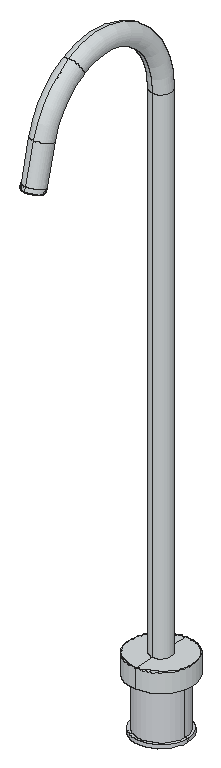
Revit family "Reece_Tap_Milli_Etch_Bath Floor Outlet", category Plumbing Fixtures, host Face, Revit 2018
Family settings
  Host = Face
  Round Connector Dimension = Use Diameter
  Part Type = Normal
  Cut with Voids When Loaded = No
  Shared = Yes
  Room Calculation Point = Yes
Parameters (values of type "253 mm_Brushed Nickel")
  WFU = 0  # constant formula
  URL = "https://www.reece.com.au/product/-21872"
  Type Comments = "Tap"
  Reece_Tap_Reach = 253 mm  # constant formula
  Reece_Tap_Inlet = 12 mm  # constant formula
  Reece_Tap_Clearance = 795 mm  # constant formula
  Reece_Product_Web Page = "https://www.reece.com.au/product/-21872"
  Reece_Product_Type = "Tap"
  Reece_Product_Sub Brand = "Etch"
  Reece_Product_Number = "21872"
  Reece_Product_Mount = "Floor Mounted"
  Reece_Product_Description = "Milli Etch Floor Mounted Bath Outlet Brushed Nickel"
  Reece_Product_Brand = "Milli"
  Reece_Overall_Height = 965 mm  # constant formula
  Reece_Material_Secondary = Reece_Brass_Brushed Nickel_Knurl Pattern
  Reece_Material_Main = Reece_Brass_Brushed Nickel
  Reece_Material_Colour = Reece_Plastic_Grey
  Reece_Detail_Installation = ""
  Reece_Detail_Disclaimer = "THIS FILE IS THE PROPERTY OF THE REECE GROUP. IT MAY NOT BE REPRODUCED, REVERSE-ENGINEERED, OR MODIFIED. ANY REPUBLICATION, TRANSMISSION, OR DISTRIBUTION FOR THE PURPOSE OF COMMERCIALLY EXPLOITING THE FILES IS PROHIBITED."  # constant formula
  Reece_Detail_Connector = ""
  Reece_Detail_Additional = "Bath Floor Outlet"
  Model = "Etch"
  Manufacturer = "Milli"
  Keynote = "Product #21872, Reece_Tap_Milli_Etch_Bath Floor Outlet - 253 mm_Brushed Nickel"
  HWFU = 0  # constant formula
  Disclaimer = "THIS FILE IS THE PROPERTY OF THE REECE GROUP. IT MAY NOT BE REPRODUCED, REVERSE-ENGINEERED, OR MODIFIED. ANY REPUBLICATION, TRANSMISSION, OR DISTRIBUTION FOR THE PURPOSE OF COMMERCIALLY EXPLOITING THE FILES IS PROHIBITED."  # constant formula
  Description = "Milli Etch Floor Mounted Bath Outlet Brushed Nickel"
  Default Elevation = 1000 mm
  CWFU = 0  # constant formula
Types (6, lengths in mm): name | URL | Reece_Product_Web Page | Reece_Product_Number | Reece_Product_Description | Reece_Material_Secondary | Reece_Material_Main | Keynote | Description
  253 mm_Chrome | "https://www.reece.com.au/product/-21870" | "https://www.reece.com.au/product/-21870" | "21870" | "Milli Etch Floor Mounted Bath Outlet Chrome" | Reece_Brass_Chrome_Knurl Pattern | Reece_Brass_Chrome | "Product #21870, Reece_Tap_Milli_Etch_Bath Floor Outlet - 253 mm_Chrome" | "Milli Etch Floor Mounted Bath Outlet Chrome"
  253 mm_Brushed Gold | "https://www.reece.com.au/product/-21873" | "https://www.reece.com.au/product/-21873" | "21873" | "Milli Etch Floor Mounted Bath Outlet Brushed Gold" | Reece_PVD_Brushed Gold_Knurl Pattern | Reece_PVD_Brushed Gold | "Product #21873, Reece_Tap_Milli_Etch_Bath Floor Outlet - 253 mm_Brushed Gold" | "Milli Etch Floor Mounted Bath Outlet Brushed Gold"
  253 mm_Matte Black | "https://www.reece.com.au/product/-21871" | "https://www.reece.com.au/product/-21871" | "21871" | "Milli Etch Floor Mounted Bath Outlet Matte Black" | Reece_Brass_Matte Black_Knurl Pattern | Reece_Brass_Matte Black | "Product #21871, Reece_Tap_Milli_Etch_Bath Floor Outlet - 253 mm_Matte Black" | "Milli Etch Floor Mounted Bath Outlet Matte Black"
  253 mm_Brushed Gunmetal | "https://www.reece.com.au/product/-21874" | "https://www.reece.com.au/product/-21874" | "21874" | "Milli Etch Floor Mounted Bath Outlet Brushed Gunmetal" | Reece_Brass_Brushed Gunmetal_Knurl Pattern | Reece_Brass_Brushed Gunmetal | "Product #21874, Reece_Tap_Milli_Etch_Bath Floor Outlet - 253 mm_Brushed Gunmetal" | "Milli Etch Floor Mounted Bath Outlet Brushed Gunmetal"
  253 mm_Brushed Nickel | "https://www.reece.com.au/product/-21872" | "https://www.reece.com.au/product/-21872" | "21872" | "Milli Etch Floor Mounted Bath Outlet Brushed Nickel" | Reece_Brass_Brushed Nickel_Knurl Pattern | Reece_Brass_Brushed Nickel | "Product #21872, Reece_Tap_Milli_Etch_Bath Floor Outlet - 253 mm_Brushed Nickel" | "Milli Etch Floor Mounted Bath Outlet Brushed Nickel"
  253 mm_Brushed Bronze | "https://www.reece.com.au/product/-21875" | "https://www.reece.com.au/product/-21875" | "21875" | "Milli Etch Floor Mounted Bath Outlet Brushed Bronze" | Reece_PVD_Brushed Bronze_Knurl Pattern | Reece_PVD_Brushed Bronze | "Product #21875, Reece_Tap_Milli_Etch_Bath Floor Outlet - 253 mm_Brushed Bronze" | "Milli Etch Floor Mounted Bath Outlet Brushed Bronze"
Reference planes
  plane 1 "Center (Front/Back)": y = 0
  plane 2 "Bottom": z = 0
  plane 3 "Center (Left/Right)": x = 0
  plane 4: y = -253
  plane 5 "HandS": y = 37.5
  plane 6: z = 795
  plane 7: z = 965
Forms (mm)
  Revolve 1, solid, material "Reece_Brass_Brushed Nickel" <- "Reece_Material_Main"
    sketch origin (0, 0, 0) x (0, 1, 0) y (0, 0, 1)
      loop
        line (0, 0) -> (50, 0) -> (50, 29.5)
        arc (50, 29.5) -> (49.854, 29.854) -> (49.5, 30) r 0.5
        line (49.5, 30) -> (0, 30) -> (0, 0)
      axis (0, 0) -> (0, 30)
    angle from 0 to 360
  Sweep 2, solid, material "Reece_Brass_Brushed Nickel" <- "Reece_Material_Main"
    path origin (0, 0, 0) x (0, 1, 0) y (0, 0, 1)
      loop
        line (0, 0) -> (0, 829)
        arc (0, 829) -> (-57.242, 931.281) -> (-174.358, 935.982) r 120
        arc (-174.358, 935.982) -> (-212.891, 904.833) -> (-235.398, 860.691) r 119
        line (-235.398, 860.691) -> (-253, 795)
    profile origin (0, 0, 414.5) x (0, -1, 0) y (1, 0, 0)
      loop
        circle (0, 0) r 16
  Revolve 3, solid, material "Reece_Brass_Brushed Nickel_Knurl Pattern" <- "Reece_Material_Secondary"
    sketch origin (0, -280.464, -157.86) x (0, 0.965926, -0.258819) y (0, 0.258819, 0.965926)
      loop
        line (-220.09, 928.5) -> (-220.09, 934.5) -> (-236.5, 934.5) -> (-236.5, 928.5) -> (-220.09, 928.5)
      axis (-220.09, 934.5) -> (-220.09, 928.5)
    angle from 0 to 360
  Revolve 4, solid, material "Reece_Brass_Brushed Nickel" <- "Reece_Material_Main"
    sketch origin (0, -280.464, -157.86) x (0, 0.965926, -0.258819) y (0, 0.258819, 0.965926)
      loop
        line (-206.504, 927.796) -> (-206.504, 930.106) -> (-220.09, 930.106) -> (-220.09, 925.651)
        arc (-220.09, 925.651) -> (-214.525, 926.183) -> (-209.171, 927.796) r 28.409
        line (-209.171, 927.796) -> (-206.504, 927.796)
      axis (-220.09, 930.106) -> (-220.09, 925.651)
    angle from 0 to 360
  Revolve 5, solid
    sketch origin (248.802, 0, 53.652) x (1, 0, 0) y (0, 0, -1)
      loop
        line (-291.044, 130.88) -> (-286.044, 130.88) -> (-286.044, 55.646) -> (-263.566, 55.646) -> (-263.566, 30.646) -> (-248.566, 30.646) -> (-248.566, 135.88) -> (-291.044, 135.88) -> (-291.044, 130.88)
      axis (-248.566, 135.88) -> (-248.566, 30.646)
    angle from 0 to 360
  Extrusion 6, solid
    sketch origin (0.236, 0, 93.2) x (1, 0, 0) y (0, 1, 0)
      loop
        circle (0, 0) r 41
    from -93.2 to -95.194
  Revolve 7, void
    sketch origin (0, 0, 0) x (1, 0, 0) y (0, 0, 1)
      loop
        line (-45, 0) -> (-45, -84.849) -> (0, -84.849) -> (0, 0) -> (-45, 0)
      axis (0, 0) -> (0, -84.849)
    angle from 0 to 360
  Extrusion 8, void
    sketch origin (0, -280.464, -157.86) x (0, 0.965926, -0.258819) y (0, 0.258819, 0.965926)
      loop
        line (-218.919, 927.5) -> (-221.261, 927.5) -> (-221.261, 923.27) -> (-218.919, 923.27) -> (-218.919, 927.5)
    from -18.808 to 16.518
Cuts and joins
  Extrusion 8 cuts Revolve 4
  joined: Revolve 1, Sweep 2, Revolve 4
  joined: Revolve 5, Extrusion 6
Text (mm)
  text "Reece ©" at (-376.789, -229.394, 0), in view "Ref. Level"
  text "Reece ©" at (-228.1, 419.108, 624.987), in view "Reece Preview"
Dimensions and locks
  "Reece_Tap_Clearance": plane 6 to level
  "Reece_Tap_Reach": plane 1 "Center (Front/Back)" to plane 4
  "Reece_Overall_Height": plane 7 to level
  aligned and locked: plane 2 "Bottom" to host face
  aligned and locked: level to host face
Automatic sketch dimensions
  host sketch curve to host sketch curve = 380.785 mm
  host sketch curve to host sketch curve = 317.421 mm
  Revolve 1 sketch curve to plane 1 "Center (Front/Back)" = 0 mm  (x2)
  level to Revolve 1 sketch curve = 0 mm  (x2)
  Revolve 1 sketch curve to plane 5 "HandS" = 12 mm
  Revolve 1 sketch curve to plane 5 "HandS" = 12.5 mm
  Revolve 1 sketch curve to Revolve 1 sketch curve = 29.5 mm
  Revolve 1 sketch curve to level = 43.252 mm
  Sweep 2 sketch curve to plane 4 = 0 mm
  Sweep 2 sketch curve to plane 1 "Center (Front/Back)" = 0 mm
  level to Sweep 2 sketch curve = 0 mm
  Sweep 2 sketch curve to plane 6 = 0 mm
  Sweep 2 sketch curve to plane 4 = 17.602 mm
  plane 6 to Sweep 2 sketch curve = 34.892 mm
  Sweep 2 sketch curve to Sweep 2 sketch curve = 114.945 mm
  Sweep 2 sketch curve to Sweep 2 sketch curve = 0.453 mm
  Sweep 2 sketch curve to Sweep 2 sketch curve = 0.892 mm
  plane 6 to Sweep 2 sketch curve = 65.691 mm
  Sweep 2 sketch curve to plane 3 "Center (Left/Right)" = 0 mm
  Sweep 2 sketch curve to profile plane = 0 mm
  Revolve 3 sketch curve to plane 4 = 0 mm
  Revolve 3 sketch curve to plane 6 = 0 mm
  Revolve 3 sketch curve to Revolve 3 sketch curve = 16.41 mm
  Revolve 3 sketch curve to Revolve 3 sketch curve = 0 mm
  Revolve 3 sketch curve to Revolve 3 sketch curve = 1 mm
  Revolve 3 sketch curve to Revolve 3 sketch curve = 6 mm
  Revolve 3 sketch curve to Revolve 3 sketch curve = 27.087 mm
  plane 4 to Revolve 4 sketch curve = 0.479 mm
  Revolve 4 sketch curve to plane 6 = 1.786 mm
  Revolve 4 sketch curve to Revolve 4 sketch curve = 0.09 mm
  Revolve 4 sketch curve to Revolve 4 sketch curve = 10.919 mm
  Revolve 4 sketch curve to Revolve 4 sketch curve = 2.667 mm
  Revolve 4 sketch curve to Revolve 4 sketch curve = 2.145 mm
  Revolve 4 sketch curve to Revolve 4 sketch curve = 4.455 mm
  Revolve 4 sketch curve to Revolve 4 sketch curve = 0 mm  (x2)
  Revolve 4 sketch curve to Revolve 4 sketch curve = 9.755 mm
  plane 1 "Center (Front/Back)" to Extrusion 6 sketch curve = 0 mm
  plane 3 "Center (Left/Right)" to Extrusion 6 sketch curve = 0.236 mm
  plane 6 to Extrusion 8 sketch curve = 0.303 mm
  plane 4 to Extrusion 8 sketch curve = 1.131 mm
  Extrusion 8 sketch curve to Extrusion 8 sketch curve = 2.342 mm
  Extrusion 8 sketch curve to Extrusion 8 sketch curve = 4.23 mm
  Revolve 7 sketch curve to level = 0 mm
  Revolve 7 sketch curve to plane 3 "Center (Left/Right)" = 0 mm  (x2)
  Revolve 7 sketch curve to Revolve 7 sketch curve = 45 mm
  Revolve 7 sketch curve to level = 84.849 mm
  Revolve 7 sketch curve to Revolve 7 sketch curve = 4.75 mm
  Revolve 7 sketch curve to Revolve 7 sketch curve = 125.25 mm
  plane 3 "Center (Left/Right)" to Revolve 5 sketch curve = 14.764 mm
  plane 3 "Center (Left/Right)" to Revolve 5 sketch curve = 37.242 mm
  Revolve 5 sketch curve to Revolve 5 sketch curve = 5 mm  (x3)
  Revolve 5 sketch curve to plane 3 "Center (Left/Right)" = 0.236 mm
  Revolve 5 sketch curve to level = 23.006 mm
  level to Revolve 5 sketch curve = 1.994 mm
  Revolve 5 sketch curve to Revolve 5 sketch curve = 75.234 mm
  Revolve 5 sketch curve to Revolve 5 sketch curve = 0 mm
  Revolve 5 sketch curve to Revolve 5 sketch curve = 18.355 mm
  radius of Sweep 2 sketch curve = 16 mm
  radius of Extrusion 6 sketch curve = 41 mm
Connectors
  piping at (0.236, 0, 23.006), diameter 12, driven by "Reece_Tap_Inlet"
    settings: on cut or joined group of Revolve 5, Extrusion 6, index 1, connector inside diameter 609.6 mm, connector length 0 mm, flow factor 0, pipe flow 0.0 L/s, pressure drop 0.0 Pa, fitting loss kfactor 0, connector angle 0.00°, fixture units 0, engagement length 0 mm, angle of deflection 0.00°, flow configuration 0, flow direction 1, fitting loss method 0, system type 29, joint type 0, gender type 0, connector reference index -1, connector utility 0, adjustable connector no, is connector primary yes, connector description ""
